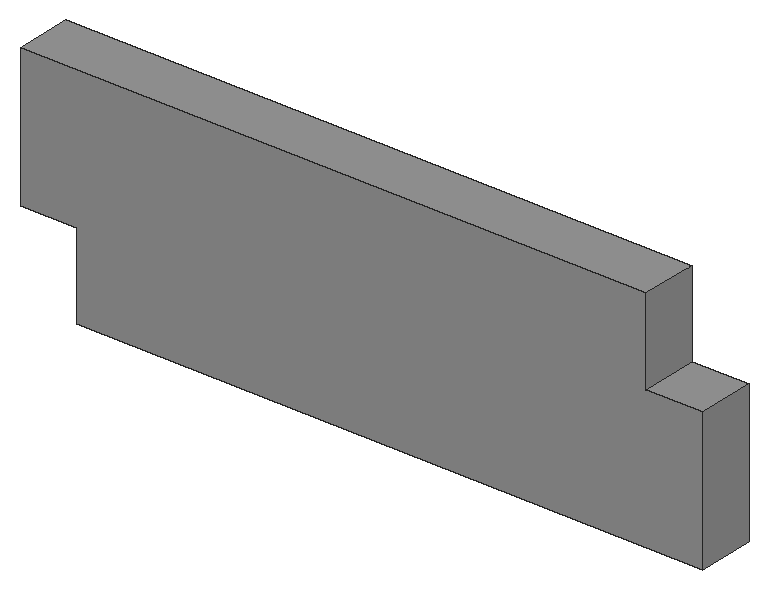
Revit family "1. Sabbia_PNormale_FRA", category Modelos genéricos, Revit 2017
Family settings
  Anfitrión = Muro
  Puede alojar armadura = No
  Cota de conector redondo = Diámetro de uso
  Tipo de pieza = Normal
  Siempre vertical = Sí
  Corte con vacíos al cargar = No
  Compartido = No
  Punto de cálculo de habitación = No
Parameters (values of type "Stonepanel® Sabbia")
  Uniclass 2015 = "Pr_25_71_14_56 Natural stone panels"
  Uniclass 2 = "Pr_25_71_14_56 Natural stone panels"
  Omniclass = "23-15 15 15 11"
  NBS Reference = "45-25-45/380 Natural stone panels"
  Advantages de Stonepanel = "Efficacité:  L’installation des panneaux est simple et facile. Elle n’implique pas l’utilisation de machines spécifiques. La pose est dix fois plus rapide que la pose traditionnelle (20 m2 en moyenne par jour). La longévité de ce produit naturel est supérieure aux autres types de revêtement. Les déchets et les pertes dues aux coupes sont amplement diminués durant le chantier.\r\nSécurité: Le système de fixation breveté et homologué, en acier inoxydable, permet l’installation à plus de 2 mètres de hauteur (Avis Technique, CSTB). La base en ciment, homogène et rugueuse, garantit l’adhésion et permet d’être coupée sans décollement des pierres.\r\nQualité: Le contrôle de la production est effectué de façon continue par le département Innovation de CUPAGROUP. Chaque pierre naturelle est sélectionnée avec une attention particulière par les experts de CUPA STONE. Angles courts, longs, massifs, doubles, pour les fenêtres ou les dessus de mur… De nombreuses pièces spéciales sont proposées en option pour s’adapter parfaitement aux différentes configurations de chantier.\r\nEsthétisme: Le parement en forme de « S » rend les joints invisibles et assure un aspect homogène à la surface installée. Notre gamme de parements en pierre naturelle permet de choisir parmi un large choix de finitions et de coloris. Chaque pierre est unique, ainsi chaque panneau révèle l’élégance et la noblesse de la pierre naturelle."
  Utilisations indiquées = "Revêtements de murs intérieurs ou extérieurs, pour des ouvrages de 12 m de haut au plus.\r\nEn murs intérieurs, les supports admis sont les suivants (ils doivent avoir une épaisseur de 6 cm minimum) :\r\n- les murs en béton,\r\n- les panneaux préfabriqués en béton,\r\n- les enduits à base de ciment sur murs en béton et, murs et parois\r\nen maçonnerie.\r\nEn murs extérieurs, les supports admis sont ceux définis dans le NF DTU 52.2 P1-1-2 (P 61-204-1-1-2) « Cahier des clauses Techniques pour les murs extérieurs »."
  URL = "http://www.cupastone.fr/produit/stonepanel-orient/"
  Résistance au feu = "STONEPANEL ne sont pas de nature à affecter la tenue au feu des ouvrages."
  Durabilité = "La durabilité de l’ouvrage peut être appréciée comme équivalente à celle d’un carrelage collé en façade."
  Type de livraison = "Les panneaux sont emballés en plastique, en paires."
  Résistance = "Résistance élevée"
  Poids = "8,75 kg"
  Oxydation = "Non oxidé"
  Autres données intéressants = "STONEPANEL est utilisé pour la réalisation de revêtements de murs intérieurs ou extérieurs, pour des ouvrages de 12 m de haut au plus."
  Modelo = "Stonepanel® Sabbia"
  Matérial = "Pierre calcaire de couleur crème aux nuances marron et aux sillons dorés. Il s’agit du modèle le plus clair et le plus lumineux de STONEPANEL®."
  Nettoyage = "En général, les panneaux ne nécessitent pas d'entretien et sont autonettoyants, mais la suppression de certains types de marques peuvent nécessiter un traitement spécialisé.\r\nPour les salissures anormales, la surface peut être nettoyée à l'aide d'un mélange eau / détergent chaud, appliqué avec un tampon de nettoyage approprié ou une éponge."
  Long = 600 mm
  Impact = "-"
  Imagen de tipo = <Ninguno>
  Format = "600 x 200"
  Form = "Forme de « S »"
  Fabricante = "Cupastone"
  Tests effectués par Avis Technique = "Résistance mécanique de l'ancrage\r\nRésistance mécanique de l'attache de sécurité\r\nEssais de durabilité après action de l'eau\r\nEssais de durabilité après action du gel\r\nEssai sismique"
  Décalage de hauteur = 0 mm
  Descripción = "Système de panneaux de pierre naturelle prémontés et assemblés\r\nsur une base en ciment renforcée, sur la face arrière, par une armature en fibre de verre. \r\nSon système de fixation unique évite tout risque de décollement. Est un ancrage spécifique pour les installations\r\nà plus de 2 mètres de hauteur."
  Densité apparente = "79,5 kg/m2"
  Couleur secondaire = "Doré"
  Couleur principale = "Crème"
  Certificats = "Avis Technique - France - En cours"
  Apparence = "Naturelle"
  Largeur = 50 mm
  Haut = 200 mm
  Finiton = "Naturelle"
  Absorption = "Basse absorption"
  Système d'ancrage = "Bande perforée en acier inoxydable:\r\n- Nature de l’acier : AISI 316 (1.4401) ou AISI 304 (1.4301)\r\n- Epaisseur minimale (mm) : 0,7\r\n- Largeur (mm) : 12 à 15\r\n- Diamètre du trou (mm) : 6 ± 1\r\n\r\nChevilles:\r\nLe choix des chevilles de fixation doit être déterminé compte tenu de l’action en dépression du vent (murs extérieurs) et de la résistance des chevilles dans le support considéré en fonction de de la nature du support. Un exemple de cheville à utiliser est TAPCO TC 6/30 x 60.\r\nLa charge admissible des chevilles est égale à 1/K fois la résistance caractéristique indiquée dans l’Agrément Technique Européen de la cheville ou :\r\n   K = 1,75 par comparaison au vent normal\r\n   K = 3 par comparaison au vent extrême\r\nLes chevilles doivent être adaptées à la nature du support porteur."
  Détails de construction = "Détails de:\r\n- Mise en oeuvre avec un profilé en métal\r\n- Mise en oeuvre de Stonepanel\r\n- Mise en oeuvre de Stonepanel en murs intérieurs\r\n- Mise en oeuvre de l'élément de sécurité\r\n- Angles rentrants\r\n- Angles sortants avec continuité de Stonepanel - éléments d'angles\r\n- Angles sortants avec continuité de Stonepanel - angles préformés\r\n- Angles sortants avec continuité de Stonepanel - sciage d'un panneau\r\n- Angles sortants sans continuité de Stonepanel - cas d'un pignon isolé\r\n- Arêtes supérieures\r\n- Dessus d'acrotère\r\n- Encadrement de baie"
Reference planes
  plane 1 "Muro": y = 0
  plane 2 "Centro (Izquierda/Derecha)": x = 125
  plane 3 "Posterior": y = 75
Forms (mm)
  Extrusion 1, solid, material "Stonepanel® SKY Orient"
    sketch origin (0, 160, 1120) x (1, 0, 0) y (0, 0, 1)
      loop
        line (125, -1120) -> (125, -996) -> (75, -996) -> (75, -920) -> (-475, -920) -> (-475, -1044) -> (-425, -1044) -> (-425, -1120) -> (125, -1120)
    from 35 to 85
Text (mm)
  text "Cara de colocación" at (-1848.837, 1116.779, 0), in view "Nivel de referencia"
  text "Cara de colocación" at (0, 1409.804, 2854.306), in view "Izquierda"
  text "Cara de colocación" at (0, 499.811, 2980.732), in view "Derecha"
Dimensions and locks
  locked: plane 3 "Posterior" to host wall
  locked: Extrusion 1 to plane 3 "Posterior" at 0
  "Largeur": Extrusion 1 to Extrusion 1
  "Long": Extrusion 1 to Extrusion 1
  locked: Extrusion 1 to Extrusion 1 at 76  (x2)
  "Décalage de hauteur": level to Extrusion 1
  locked: Extrusion 1 to Extrusion 1 at 50  (x2)
  "Haut": Extrusion 1 to Extrusion 1
  aligned and locked: plane 1 "Muro" to host wall
Automatic sketch dimensions
  level to Extrusion 1 sketch curve = 0 mm
  Extrusion 1 sketch curve to plane 2 "Centro (Izquierda/Derecha)" = 0 mm
  Extrusion 1 sketch curve to plane 2 "Centro (Izquierda/Derecha)" = 50 mm
  Extrusion 1 sketch curve to Extrusion 1 sketch curve = 500 mm
  Extrusion 1 sketch curve to Extrusion 1 sketch curve = 50 mm
  level to Extrusion 1 sketch curve = 124 mm
  level to Extrusion 1 sketch curve = 76 mm
  Extrusion 1 sketch curve to Extrusion 1 sketch curve = 76 mm
